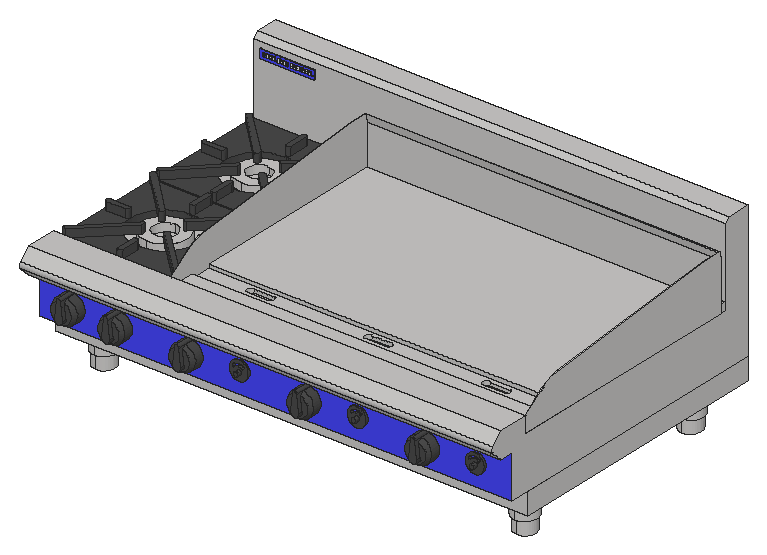
Revit family "QF_MOFFAT_BLUESEAL_CE_G518A-B", category Specialty Equipment, Revit 2012
Parameters
  Width = 1200 mm  # constant formula
  Weight in Pounds = 347  # constant formula
  URL Cutsheet = "www.moffat.com"
  URL = "www.moffat.com"
  Type Mark [instance] = ""
  Status [instance] = ""
  Specification by User [instance] = ""
  Specification by Manufacturer = ""
  Show Logo [instance] = yes
  Serial Number = ""
  Seismic Rating = ""
  SMACNA No = ""
  Revision Code [instance] = ""
  Omniclass Number and Title = ""
  NAFEM Spec ID Number = ""
  Model = "G518A-B"
  Mechanical Remarks [instance] = ""
  Mechanical Connection Type [instance] = ""
  Masterspec = ""
  Manufacturer = "MOFFAT BLUESEAL"
  Item Number [instance] = ""
  Installed By [instance] = ""
  Identify Quantity as Lot [instance] = yes
  Height = 485 mm  # constant formula
  Gas Size = 3/4"
  Gas RI Height [instance] = 0 mm
  Gas KW = 32.2
  Gas Input [instance] = 109946.0 Btu/h
  Gas Connection Height = 0 mm
  Furnished By [instance] = ""
  Foodservice Equipment Identifier [instance] = yes
  Description = "1200MM GAS COOK TOP BENCH MOUNT"
  Depth = 812 mm  # constant formula
  CSI MasterFormat = ""
  CSI Master Format = ""
Reference planes
  plane 1 "BACK": y = 0
  plane 2: z = 0
  plane 3 "LEFT": x = 0
  plane 4 "RIGHT": x = 1200
  plane 5 "FRONT": y = -812
  plane 6 "TOP": z = 370
  plane 7 "Center Y": x = 600
  plane 8 "Center X": y = -406
  plane 9: z = 485
  plane 10: z = 315
Forms (mm)
  Revolve 1, solid, material "QF_Finishes_Stainless Steel"
    sketch origin (65.5, -728, 0) x (0, 1, 0) y (0, 0, 1)
      loop
        line (71.25, 85) -> (71.25, 35) -> (75.5, 35) -> (75.5, 0) -> (103, 0) -> (103, 85) -> (71.25, 85)
      axis (103, 85) -> (103, 0)
    angle from 0 to 360
  Revolve 2, solid, material "QF_Finishes_Stainless Steel"
    sketch origin (65.5, -210, 0) x (0, 1, 0) y (0, 0, 1)
      loop
        line (78.25, 85) -> (78.25, 35) -> (82.5, 35) -> (82.5, 0) -> (110, 0) -> (110, 85) -> (78.25, 85)
      axis (110, 85) -> (110, 0)
    angle from 0 to 360
  Extrusion 3, solid, material "QF_Finishes_Stainless Steel"
    sketch origin (405, 3, -500) x (1, 0, 0) y (0, 1, 0)
      loop
        circle (665, -35) r 13.5
    from 555 to 585
  Revolve 4, solid, material "QF_Finishes_Black"
    sketch origin (89.999, 7, -0.127) x (0, 1, 0) y (0, 0, -1)
      loop
        line (-789, -229.5) -> (-766, -229.5) -> (-766, -202) -> (-756, -202) -> (-756, -197) -> (-800, -197) -> (-800, -223.651) -> (-789, -229.5)
      axis (-800, -197) -> (-756, -197)
    angle from 0 to 360
  Extrusion 5, solid, material "QF_Finishes_Black"
    sketch origin (228.269, 7, 0.031) x (-1, 0, 0) y (0, 0, -1)
      loop
        line (127.85, -186.163) -> (133.27, -229.082)
        arc (133.27, -229.082) -> (138.269, -233.969) -> (143.267, -229.082) r 5
        line (143.267, -229.082) -> (148.756, -184.996)
        arc (148.756, -184.996) -> (137.684, -174.498) -> (127.85, -186.163) r 10.487
    from 759 to 808
  Extrusion 6, solid, material "QF_Finishes_Stainless Steel"
    sketch origin (0, 0, 0) x (0, 1, 0) y (0, 0, 1)
      loop
        line (-784.97, 250) -> (-749, 250) -> (-749, 140) -> (0, 140) -> (0, 485) -> (-57.5, 485) -> (-70, 472.5) -> (-70, 275) -> (-705, 275) -> (-705, 315) -> (-783.97, 315) -> (-808.498, 290.472)
        arc (-808.498, 290.472) -> (-812.007, 282) -> (-808.498, 273.528) r 11.982
        line (-808.498, 273.528) -> (-784.97, 250)
      loop
        line (0, 85) -> (0, 139.206) -> (-699, 139.206) -> (-699, 85) -> (0, 85)
    from 0 to 1200
  Revolve 7, solid, material "QF_Finishes_Black"
    sketch origin (210, 7, 0) x (0, 1, 0) y (0, 0, -1)
      loop
        line (-789, -229.5) -> (-766, -229.5) -> (-766, -202) -> (-756, -202) -> (-756, -197) -> (-800, -197) -> (-800, -223.651) -> (-789, -229.5)
      axis (-800, -197) -> (-756, -197)
    angle from 0 to 360
  Extrusion 8, solid, material "QF_Finishes_Black"
    sketch origin (348.27, 7, 0.158) x (-1, 0, 0) y (0, 0, -1)
      loop
        line (127.85, -186.163) -> (133.27, -229.082)
        arc (133.27, -229.082) -> (138.269, -233.969) -> (143.267, -229.082) r 5
        line (143.267, -229.082) -> (148.756, -184.996)
        arc (148.756, -184.996) -> (137.684, -174.498) -> (127.85, -186.163) r 10.487
    from 759 to 808
  Revolve 9, solid, material "QF_Finishes_Stainless Steel"
    sketch origin (1134.5, -728, 0) x (0, 1, 0) y (0, 0, -1)
      loop
        line (71.25, -85) -> (103, -85) -> (103, 0) -> (75.5, 0) -> (75.5, -35) -> (71.25, -35) -> (71.25, -85)
      axis (103, -85) -> (103, 0)
    angle from 0 to 360
  Revolve 10, solid, material "QF_Finishes_Stainless Steel"
    sketch origin (1134.5, -210, 0) x (0, 1, 0) y (0, 0, -1)
      loop
        line (78.25, -85) -> (110, -85) -> (110, 0) -> (82.5, 0) -> (82.5, -35) -> (78.25, -35) -> (78.25, -85)
      axis (110, -85) -> (110, 0)
    angle from 0 to 360
  Revolve 11, solid, material "QF_Finishes_Black"
    sketch origin (389.999, 7, -0.127) x (0, 1, 0) y (0, 0, -1)
      loop
        line (-789, -229.5) -> (-766, -229.5) -> (-766, -202) -> (-756, -202) -> (-756, -197) -> (-800, -197) -> (-800, -223.651) -> (-789, -229.5)
      axis (-800, -197) -> (-756, -197)
    angle from 0 to 360
  Extrusion 12, solid, material "QF_Finishes_Black"
    sketch origin (528.269, 7, 0.031) x (-1, 0, 0) y (0, 0, -1)
      loop
        line (127.85, -186.163) -> (133.27, -229.082)
        arc (133.27, -229.082) -> (138.269, -233.969) -> (143.267, -229.082) r 5
        line (143.267, -229.082) -> (148.756, -184.996)
        arc (148.756, -184.996) -> (137.684, -174.498) -> (127.85, -186.163) r 10.487
    from 759 to 808
  Revolve 13, solid, material "QF_Finishes_Black"
    sketch origin (689.999, 7, -0.127) x (0, 1, 0) y (0, 0, -1)
      loop
        line (-789, -229.5) -> (-766, -229.5) -> (-766, -202) -> (-756, -202) -> (-756, -197) -> (-800, -197) -> (-800, -223.651) -> (-789, -229.5)
      axis (-800, -197) -> (-756, -197)
    angle from 0 to 360
  Extrusion 14, solid, material "QF_Finishes_Black"
    sketch origin (828.269, 7, 0.031) x (-1, 0, 0) y (0, 0, -1)
      loop
        line (127.85, -186.163) -> (133.27, -229.082)
        arc (133.27, -229.082) -> (138.269, -233.969) -> (143.267, -229.082) r 5
        line (143.267, -229.082) -> (148.756, -184.996)
        arc (148.756, -184.996) -> (137.684, -174.498) -> (127.85, -186.163) r 10.487
    from 759 to 808
  Revolve 15, solid, material "QF_Finishes_Black"
    sketch origin (989.999, 7, -0.127) x (0, 1, 0) y (0, 0, -1)
      loop
        line (-789, -229.5) -> (-766, -229.5) -> (-766, -202) -> (-756, -202) -> (-756, -197) -> (-800, -197) -> (-800, -223.651) -> (-789, -229.5)
      axis (-800, -197) -> (-756, -197)
    angle from 0 to 360
  Extrusion 16, solid, material "QF_Finishes_Black"
    sketch origin (1128.269, 7, 0.031) x (-1, 0, 0) y (0, 0, -1)
      loop
        line (127.85, -186.163) -> (133.27, -229.082)
        arc (133.27, -229.082) -> (138.269, -233.969) -> (143.267, -229.082) r 5
        line (143.267, -229.082) -> (148.756, -184.996)
        arc (148.756, -184.996) -> (137.684, -174.498) -> (127.85, -186.163) r 10.487
    from 759 to 808
  Extrusion 17, solid, material "QF_Finishes_Black"
    sketch origin (0, -749, 266) x (0, 0, -1) y (1, 0, 0)
      loop
        circle (69, 510) r 23.9
      loop
        arc (61.641, 518.419) -> (62.501, 523.219) -> (57.701, 524.079) r 3.448
        arc (57.701, 524.079) -> (51.116, 509.341) -> (58.919, 495.209) r 18.095
        arc (58.919, 495.209) -> (63.641, 496.491) -> (62.326, 501.204) r 3.448
        arc (62.326, 501.204) -> (58.758, 509.683) -> (61.641, 518.419) r 13.109
      loop
        circle (69, 810) r 23.9
      loop
        arc (61.641, 818.419) -> (62.501, 823.219) -> (57.701, 824.079) r 3.448
        arc (57.701, 824.079) -> (51.116, 809.341) -> (58.919, 795.209) r 18.095
        arc (58.919, 795.209) -> (63.641, 796.491) -> (62.326, 801.204) r 3.448
        arc (62.326, 801.204) -> (58.758, 809.683) -> (61.641, 818.419) r 13.109
      loop
        circle (69, 1110) r 23.9
      loop
        arc (61.641, 1118.419) -> (62.501, 1123.219) -> (57.701, 1124.079) r 3.448
        arc (57.701, 1124.079) -> (51.116, 1109.341) -> (58.919, 1095.209) r 18.095
        arc (58.919, 1095.209) -> (63.641, 1096.491) -> (62.326, 1101.204) r 3.448
        arc (62.326, 1101.204) -> (58.758, 1109.683) -> (61.641, 1118.419) r 13.109
    from 0 to 5
  Extrusion 18, solid, material "QF_Finishes_Black"
    sketch origin (0, -754, 266) x (0, 0, -1) y (1, 0, 0)
      loop
        circle (72.5, 510) r 5.75
      loop
        circle (72.5, 810) r 5.75
      loop
        circle (72.5, 1110) r 5.75
    from 0 to 10
Lines and regions (mm)
  Split face 1
    outline origin (0, 0, 485) x (0, -1, 0) y (1, 0, 0)
      loop
        arc (18.185, 32.794) -> (23.185, 24.134) -> (33.185, 24.134) r 10
        line (33.185, 24.134) -> (40.185, 28.176)
        arc (40.185, 28.176) -> (43.845, 31.836) -> (45.185, 36.836) r 10
        line (45.185, 36.836) -> (45.185, 264.794)
        arc (45.185, 264.794) -> (40.185, 273.455) -> (30.185, 273.455) r 10
        line (30.185, 273.455) -> (23.185, 269.413)
        arc (23.185, 269.413) -> (19.525, 265.753) -> (18.185, 260.753) r 10
        line (18.185, 260.753) -> (18.185, 32.794)
  Split face 2
    outline origin (0, 0, 485) x (0, -1, 0) y (1, 0, 0)
      loop
        arc (18.185, 332.794) -> (23.185, 324.134) -> (33.185, 324.134) r 10
        line (33.185, 324.134) -> (40.185, 328.176)
        arc (40.185, 328.176) -> (43.845, 331.836) -> (45.185, 336.836) r 10
        line (45.185, 336.836) -> (45.185, 564.794)
        arc (45.185, 564.794) -> (40.185, 573.455) -> (30.185, 573.455) r 10
        line (30.185, 573.455) -> (23.185, 569.413)
        arc (23.185, 569.413) -> (19.525, 565.753) -> (18.185, 560.753) r 10
        line (18.185, 560.753) -> (18.185, 332.794)
  Split face 3
    outline origin (0, 0, 485) x (0, -1, 0) y (1, 0, 0)
      loop
        arc (45.185, 1164.794) -> (40.185, 1173.455) -> (30.185, 1173.455) r 10
        line (30.185, 1173.455) -> (23.185, 1169.413)
        arc (23.185, 1169.413) -> (19.525, 1165.753) -> (18.185, 1160.753) r 10
        line (18.185, 1160.753) -> (18.185, 932.794)
        arc (18.185, 932.794) -> (23.185, 924.134) -> (33.185, 924.134) r 10
        line (33.185, 924.134) -> (40.185, 928.176)
        arc (40.185, 928.176) -> (43.845, 931.836) -> (45.185, 936.836) r 10
        line (45.185, 936.836) -> (45.185, 1164.794)
  Split face 4
    outline origin (0, 0, 485) x (0, -1, 0) y (1, 0, 0)
      loop
        line (45.185, 636.836) -> (45.185, 864.794)
        arc (45.185, 864.794) -> (40.185, 873.455) -> (30.185, 873.455) r 10
        line (30.185, 873.455) -> (23.185, 869.413)
        arc (23.185, 869.413) -> (19.525, 865.753) -> (18.185, 860.753) r 10
        line (18.185, 860.753) -> (18.185, 632.794)
        arc (18.185, 632.794) -> (23.185, 624.134) -> (33.185, 624.134) r 10
        line (33.185, 624.134) -> (40.185, 628.176)
        arc (40.185, 628.176) -> (43.845, 631.836) -> (45.185, 636.836) r 10
  symbolic lines
    curve 1: line (0, 0, 0) -> (0, -812, 0)
    curve 2: line (1200, 0, 0) -> (0, 0, 0)
    curve 3: line (1200, -812, 0) -> (1200, 0, 0)
    curve 4: line (0, -70, 0) -> (1200, -70, 0)
    curve 5: line (0, -812, 0) -> (1200, -812, 0)
    curve 6: line (1200, -705, 0) -> (0, -705, 0)
    curve 7: line (0, -783.97, 0) -> (1200, -783.97, 0)
    curve 8: line (36.836, -45.185, 0) -> (264.794, -45.185, 0)
    curve 9: arc (264.794, -45.185, 0) -> (273.455, -40.185, 0) -> (273.455, -30.185, 0) r 10
    curve 10: line (273.455, -30.185, 0) -> (269.413, -23.185, 0)
    curve 11: arc (269.413, -23.185, 0) -> (265.753, -19.525, 0) -> (260.753, -18.185, 0) r 10
    curve 12: line (260.753, -18.185, 0) -> (32.794, -18.185, 0)
    curve 13: arc (32.794, -18.185, 0) -> (24.134, -23.185, 0) -> (24.134, -33.185, 0) r 10
    curve 14: line (24.134, -33.185, 0) -> (28.176, -40.185, 0)
    curve 15: arc (28.176, -40.185, 0) -> (31.836, -43.845, 0) -> (36.836, -45.185, 0) r 10
    curve 16: line (336.836, -45.185, 0) -> (564.794, -45.185, 0)
    curve 17: arc (564.794, -45.185, 0) -> (573.455, -40.185, 0) -> (573.455, -30.185, 0) r 10
    curve 18: line (573.455, -30.185, 0) -> (569.413, -23.185, 0)
    curve 19: arc (569.413, -23.185, 0) -> (565.753, -19.525, 0) -> (560.753, -18.185, 0) r 10
    curve 20: line (560.753, -18.185, 0) -> (332.794, -18.185, 0)
    curve 21: arc (332.794, -18.185, 0) -> (324.134, -23.185, 0) -> (324.134, -33.185, 0) r 10
    curve 22: line (324.134, -33.185, 0) -> (328.176, -40.185, 0)
    curve 23: arc (328.176, -40.185, 0) -> (331.836, -43.845, 0) -> (336.836, -45.185, 0) r 10
    curve 24: line (0, -57.5, 0) -> (1200, -57.5, 0)
    curve 25: line (860.753, -18.185, 0) -> (632.794, -18.185, 0)
    curve 26: arc (632.794, -18.185, 0) -> (624.134, -23.185, 0) -> (624.134, -33.185, 0) r 10
    curve 27: line (624.134, -33.185, 0) -> (628.176, -40.185, 0)
    curve 28: arc (628.176, -40.185, 0) -> (631.836, -43.845, 0) -> (636.836, -45.185, 0) r 10
    curve 29: line (636.836, -45.185, 0) -> (864.794, -45.185, 0)
    curve 30: arc (864.794, -45.185, 0) -> (873.455, -40.185, 0) -> (873.455, -30.185, 0) r 10
    curve 31: line (873.455, -30.185, 0) -> (869.413, -23.185, 0)
    curve 32: arc (869.413, -23.185, 0) -> (865.753, -19.525, 0) -> (860.753, -18.185, 0) r 10
    curve 33: line (932.794, -18.185, 0) -> (1160.753, -18.185, 0)
    curve 34: arc (1160.753, -18.185, 0) -> (1165.753, -19.525, 0) -> (1169.413, -23.185, 0) r 10
    curve 35: line (1169.413, -23.185, 0) -> (1173.455, -30.185, 0)
    curve 36: arc (1173.455, -30.185, 0) -> (1173.455, -40.185, 0) -> (1164.794, -45.185, 0) r 10
    curve 37: line (1164.794, -45.185, 0) -> (936.836, -45.185, 0)
    curve 38: arc (936.836, -45.185, 0) -> (931.836, -43.845, 0) -> (928.176, -40.185, 0) r 10
    curve 39: line (928.176, -40.185, 0) -> (924.134, -33.185, 0)
    curve 40: arc (924.134, -33.185, 0) -> (924.134, -23.185, 0) -> (932.794, -18.185, 0) r 10
Dimensions and locks
  equal spacing: plane 3 "LEFT", plane 7 "Center Y", plane 4 "RIGHT"
  "Width": plane 3 "LEFT" to plane 4 "RIGHT"
  equal spacing: plane 5 "FRONT", plane 8 "Center X", plane 1 "BACK"
  "Depth": plane 5 "FRONT" to plane 1 "BACK"
  equal spacing: plane 4 "RIGHT", plane 7 "Center Y", plane 3 "LEFT"
  plane 4 "RIGHT" to plane 3 "LEFT" = 1200 mm
  Extrusion 3 to level = 55 mm
  Extrusion 3 to plane 1 "BACK" = 32 mm
  plane 5 "FRONT" to plane 1 "BACK" = 812 mm
  "Height": plane 9 to level
  plane 10 to level = 315 mm
  Extrusion 3 sketch curve to plane 4 "RIGHT" = 130 mm
  Extrusion 3 sketch curve to plane 1 "BACK" = 32 mm
  aligned and locked: level to plane 2
  aligned and locked: curve 3 to plane 4 "RIGHT"
  aligned and locked: Extrusion 6 to plane 4 "RIGHT"
Automatic sketch dimensions
  plane 1 "BACK" to curve 1 = 0 mm
  curve 1 to plane 3 "LEFT" = 0 mm
  plane 5 "FRONT" to curve 1 = 0 mm
  plane 3 "LEFT" to curve 13 = 24.134 mm
  curve 14 to curve 14 = 4.041 mm
  curve 13 to curve 13 = 8.66 mm
  curve 14 to curve 8 = 8.66 mm
  plane 1 "BACK" to curve 11 = 28.185 mm
  curve 15 to curve 11 = 223.917 mm
  curve 11 to curve 9 = 4.041 mm
  plane 1 "BACK" to curve 10 = 23.185 mm
  curve 11 to curve 10 = 8.66 mm
  plane 1 "BACK" to curve 10 = 30.185 mm
  curve 11 to curve 10 = 4.041 mm
  curve 9 to curve 21 = 50.679 mm
  plane 1 "BACK" to curve 22 = 40.185 mm
  curve 22 to curve 22 = 4.041 mm
  curve 21 to curve 21 = 8.66 mm
  curve 23 to curve 23 = 8.66 mm
  plane 1 "BACK" to curve 20 = 18.185 mm
  curve 20 to plane 7 "Center Y" = 39.247 mm
  curve 19 to curve 17 = 4.041 mm
  plane 1 "BACK" to curve 18 = 23.185 mm
  curve 19 to curve 18 = 8.66 mm
  curve 18 to curve 18 = 4.041 mm
  curve 7 to plane 5 "FRONT" = 28.03 mm
  curve 7 to curve 6 = 78.97 mm
  curve 4 to curve 13 = 51.815 mm
  curve 4 to curve 24 = 12.5 mm
  curve 15 to curve 12 = 27 mm
  curve 23 to curve 23 = 5 mm
  curve 8 to curve 15 = 5 mm
  curve 17 to curve 19 = 7 mm
  curve 14 to curve 14 = 7 mm
  curve 22 to curve 22 = 7 mm
  Revolve 1 sketch curve to level = 0 mm
  level to Revolve 1 sketch curve = 35 mm
  Revolve 1 sketch curve to plane 5 "FRONT" = 155.25 mm
  Revolve 1 sketch curve to Revolve 1 sketch curve = 4.25 mm
  Revolve 1 sketch curve to Revolve 1 sketch curve = 27.5 mm  (x2)
  Revolve 1 sketch curve to Revolve 1 sketch curve = 55 mm
  Revolve 1 sketch curve to Revolve 1 sketch curve = 15 mm
  Revolve 1 sketch curve to Revolve 1 sketch curve = 35 mm
  Revolve 2 sketch curve to level = 0 mm
  level to Revolve 2 sketch curve = 35 mm
  plane 1 "BACK" to Revolve 2 sketch curve = 131.75 mm
  Revolve 2 sketch curve to Revolve 2 sketch curve = 4.25 mm
  Revolve 2 sketch curve to Revolve 2 sketch curve = 27.5 mm  (x2)
  Revolve 2 sketch curve to Revolve 2 sketch curve = 55 mm
  Revolve 2 sketch curve to Revolve 2 sketch curve = 15 mm
  Revolve 2 sketch curve to Revolve 2 sketch curve = 35 mm
  Revolve 4 sketch curve to plane 5 "FRONT" = 19 mm
  Revolve 4 sketch curve to Revolve 4 sketch curve = 0 mm  (x2)
  Revolve 4 sketch curve to Revolve 4 sketch curve = 11 mm
  Revolve 4 sketch curve to Revolve 4 sketch curve = 12.7 mm
  Revolve 4 sketch curve to Revolve 4 sketch curve = 23 mm
  Revolve 4 sketch curve to Revolve 4 sketch curve = 10 mm
  Revolve 4 sketch curve to plane 10 = 85.627 mm
  Revolve 4 sketch curve to Revolve 4 sketch curve = 5.849 mm
  Revolve 4 sketch curve to Revolve 4 sketch curve = 27.5 mm
  Revolve 4 sketch curve to Revolve 4 sketch curve = 5 mm
  plane 3 "LEFT" to Extrusion 5 sketch curve = 100.419 mm
  Extrusion 5 sketch curve to Extrusion 5 sketch curve = 5.421 mm
  Extrusion 5 sketch curve to Extrusion 5 sketch curve = 10.419 mm
  Extrusion 5 sketch curve to Extrusion 5 sketch curve = 4.999 mm  (x2)
  Extrusion 5 sketch curve to Extrusion 5 sketch curve = 10.487 mm
  Extrusion 5 sketch curve to plane 10 = 85.887 mm
  Extrusion 5 sketch curve to Extrusion 5 sketch curve = 0.113 mm
  Extrusion 5 sketch curve to Extrusion 5 sketch curve = 42.919 mm
  Extrusion 5 sketch curve to Extrusion 5 sketch curve = 1.167 mm
  Extrusion 6 sketch curve to plane 10 = 0 mm
  plane 9 to Extrusion 6 sketch curve = 0 mm
  Extrusion 6 sketch curve to plane 1 "BACK" = 0 mm  (x2)
  plane 1 "BACK" to Extrusion 6 sketch curve = 57.5 mm
  plane 9 to Extrusion 6 sketch curve = 12.5 mm
  Extrusion 6 sketch curve to Extrusion 6 sketch curve = 12.5 mm
  Extrusion 6 sketch curve to plane 5 "FRONT" = 113 mm
  Extrusion 6 sketch curve to plane 5 "FRONT" = 107 mm
  Extrusion 6 sketch curve to Extrusion 6 sketch curve = 50 mm
  Extrusion 6 sketch curve to plane 5 "FRONT" = 28.03 mm
  Extrusion 6 sketch curve to plane 5 "FRONT" = 27.03 mm
  Extrusion 6 sketch curve to plane 5 "FRONT" = 11.975 mm
  Extrusion 6 sketch curve to plane 5 "FRONT" = 3.502 mm  (x2)
  Extrusion 6 sketch curve to plane 10 = 24.528 mm
  Extrusion 6 sketch curve to Extrusion 6 sketch curve = 8.472 mm
  Extrusion 6 sketch curve to Extrusion 6 sketch curve = 40 mm
  Extrusion 6 sketch curve to Extrusion 6 sketch curve = 23.528 mm
  Extrusion 6 sketch curve to Extrusion 6 sketch curve = 110 mm
  Extrusion 6 sketch curve to Extrusion 6 sketch curve = 0.794 mm
  Extrusion 6 sketch curve to Extrusion 6 sketch curve = 54.206 mm
  Split face 1 sketch curve to Extrusion 6 = 18.185 mm
  Split face 1 sketch curve to Split face 1 sketch curve = 5 mm  (x3)
  Split face 1 sketch curve to Split face 1 sketch curve = 10 mm  (x2)
  Split face 1 sketch curve to Split face 1 sketch curve = 7 mm  (x4)
  Split face 1 sketch curve to Extrusion 6 = 24.134 mm
  Split face 1 sketch curve to Split face 1 sketch curve = 4.041 mm  (x2)
  Split face 1 sketch curve to Split face 1 sketch curve = 223.917 mm
  Split face 2 sketch curve to Extrusion 6 = 18.185 mm
  Split face 2 sketch curve to Split face 2 sketch curve = 5 mm  (x4)
  Split face 2 sketch curve to Split face 2 sketch curve = 10 mm
  Split face 2 sketch curve to Split face 2 sketch curve = 7 mm  (x4)
  Split face 2 sketch curve to Extrusion 6 = 324.134 mm
  Split face 2 sketch curve to Split face 2 sketch curve = 4.041 mm  (x2)
  Split face 2 sketch curve to Split face 2 sketch curve = 223.917 mm
  Split face 3 sketch curve to Extrusion 6 = 18.185 mm
  Split face 3 sketch curve to Split face 3 sketch curve = 5 mm  (x3)
  Split face 3 sketch curve to Split face 3 sketch curve = 10 mm  (x2)
  Split face 3 sketch curve to Split face 3 sketch curve = 7 mm  (x4)
  Split face 3 sketch curve to Extrusion 6 = 275.866 mm
  Split face 3 sketch curve to Split face 3 sketch curve = 4.041 mm  (x2)
  Split face 3 sketch curve to Extrusion 6 = 39.247 mm
  Revolve 7 sketch curve to plane 5 "FRONT" = 19 mm
  Revolve 7 sketch curve to Revolve 7 sketch curve = 0 mm  (x2)
  Revolve 7 sketch curve to Revolve 7 sketch curve = 11 mm
  Revolve 7 sketch curve to Revolve 7 sketch curve = 12.7 mm
  Revolve 7 sketch curve to Revolve 7 sketch curve = 23 mm
  Revolve 7 sketch curve to Revolve 7 sketch curve = 10 mm
  Revolve 7 sketch curve to plane 10 = 85.5 mm
  Revolve 7 sketch curve to Revolve 7 sketch curve = 5.849 mm
  Revolve 7 sketch curve to Revolve 7 sketch curve = 27.5 mm
  Revolve 7 sketch curve to Revolve 7 sketch curve = 5 mm
  plane 3 "LEFT" to Extrusion 8 sketch curve = 220.42 mm
  Extrusion 8 sketch curve to Extrusion 8 sketch curve = 5.421 mm
  Extrusion 8 sketch curve to Extrusion 8 sketch curve = 10.419 mm
  Extrusion 8 sketch curve to Extrusion 8 sketch curve = 4.999 mm  (x2)
  Extrusion 8 sketch curve to plane 10 = 85.76 mm
  Extrusion 8 sketch curve to Extrusion 8 sketch curve = 10.487 mm
  Extrusion 8 sketch curve to Extrusion 8 sketch curve = 0.113 mm
  Extrusion 8 sketch curve to Extrusion 8 sketch curve = 42.919 mm
  Extrusion 8 sketch curve to Extrusion 8 sketch curve = 1.167 mm
  Revolve 9 sketch curve to level = 0 mm
  level to Revolve 9 sketch curve = 35 mm
  Revolve 9 sketch curve to plane 5 "FRONT" = 155.25 mm
  Revolve 9 sketch curve to Revolve 9 sketch curve = 4.25 mm
  Revolve 9 sketch curve to Revolve 9 sketch curve = 27.5 mm  (x2)
  Revolve 9 sketch curve to Revolve 9 sketch curve = 15 mm
  Revolve 9 sketch curve to Revolve 9 sketch curve = 35 mm
  Revolve 9 sketch curve to level = 55 mm
  Revolve 10 sketch curve to level = 0 mm
  level to Revolve 10 sketch curve = 35 mm
  plane 1 "BACK" to Revolve 10 sketch curve = 131.75 mm
  Revolve 10 sketch curve to Revolve 10 sketch curve = 4.25 mm
  Revolve 10 sketch curve to Revolve 10 sketch curve = 27.5 mm  (x2)
  Revolve 10 sketch curve to Revolve 10 sketch curve = 15 mm
  Revolve 10 sketch curve to Revolve 10 sketch curve = 35 mm
  Revolve 10 sketch curve to level = 55 mm
  Revolve 11 sketch curve to plane 5 "FRONT" = 19 mm
  Revolve 11 sketch curve to Revolve 11 sketch curve = 0 mm  (x2)
  Revolve 11 sketch curve to Revolve 11 sketch curve = 11 mm
  Revolve 11 sketch curve to Revolve 11 sketch curve = 12.7 mm
  Revolve 11 sketch curve to Revolve 11 sketch curve = 23 mm
  Revolve 11 sketch curve to Revolve 11 sketch curve = 10 mm
  Revolve 11 sketch curve to plane 10 = 85.627 mm
  Revolve 11 sketch curve to Revolve 11 sketch curve = 5.849 mm
  Revolve 11 sketch curve to Revolve 11 sketch curve = 27.5 mm
  Revolve 11 sketch curve to Revolve 11 sketch curve = 5 mm
  Extrusion 12 sketch curve to plane 7 "Center Y" = 199.581 mm
  Extrusion 12 sketch curve to Extrusion 12 sketch curve = 5.421 mm
  Extrusion 12 sketch curve to Extrusion 12 sketch curve = 10.419 mm
  Extrusion 12 sketch curve to Extrusion 12 sketch curve = 4.999 mm  (x2)
  Extrusion 12 sketch curve to plane 10 = 85.887 mm
  Extrusion 12 sketch curve to Extrusion 12 sketch curve = 10.487 mm
  Extrusion 12 sketch curve to Extrusion 12 sketch curve = 0.113 mm
  Extrusion 12 sketch curve to Extrusion 12 sketch curve = 42.919 mm
  Extrusion 12 sketch curve to Extrusion 12 sketch curve = 1.167 mm
  Revolve 13 sketch curve to plane 5 "FRONT" = 19 mm
  Revolve 13 sketch curve to Revolve 13 sketch curve = 0 mm  (x2)
  Revolve 13 sketch curve to Revolve 13 sketch curve = 11 mm
  Revolve 13 sketch curve to Revolve 13 sketch curve = 12.7 mm
  Revolve 13 sketch curve to Revolve 13 sketch curve = 23 mm
  Revolve 13 sketch curve to Revolve 13 sketch curve = 10 mm
  Revolve 13 sketch curve to plane 10 = 85.627 mm
  Revolve 13 sketch curve to Revolve 13 sketch curve = 5.849 mm
  Revolve 13 sketch curve to Revolve 13 sketch curve = 27.5 mm
  Revolve 13 sketch curve to Revolve 13 sketch curve = 5 mm
  plane 7 "Center Y" to Extrusion 14 sketch curve = 100.419 mm
  Extrusion 14 sketch curve to Extrusion 14 sketch curve = 5.421 mm
  Extrusion 14 sketch curve to Extrusion 14 sketch curve = 10.419 mm
  Extrusion 14 sketch curve to Extrusion 14 sketch curve = 4.999 mm  (x2)
  Extrusion 14 sketch curve to Extrusion 14 sketch curve = 10.487 mm
  Extrusion 14 sketch curve to plane 10 = 85.887 mm
  Extrusion 14 sketch curve to Extrusion 14 sketch curve = 0.113 mm
  Extrusion 14 sketch curve to Extrusion 14 sketch curve = 42.919 mm
  Extrusion 14 sketch curve to Extrusion 14 sketch curve = 1.167 mm
  Revolve 15 sketch curve to plane 5 "FRONT" = 19 mm
  Revolve 15 sketch curve to Revolve 15 sketch curve = 0 mm  (x2)
  Revolve 15 sketch curve to Revolve 15 sketch curve = 11 mm
  Revolve 15 sketch curve to Revolve 15 sketch curve = 12.7 mm
  Revolve 15 sketch curve to Revolve 15 sketch curve = 23 mm
  Revolve 15 sketch curve to Revolve 15 sketch curve = 10 mm
  Revolve 15 sketch curve to plane 10 = 85.627 mm
  Revolve 15 sketch curve to Revolve 15 sketch curve = 5.849 mm
  Revolve 15 sketch curve to Revolve 15 sketch curve = 27.5 mm
  Revolve 15 sketch curve to Revolve 15 sketch curve = 5 mm
  plane 4 "RIGHT" to Extrusion 16 sketch curve = 199.581 mm
  Extrusion 16 sketch curve to Extrusion 16 sketch curve = 5.421 mm
  Extrusion 16 sketch curve to Extrusion 16 sketch curve = 10.419 mm
  Extrusion 16 sketch curve to Extrusion 16 sketch curve = 4.999 mm  (x2)
  Extrusion 16 sketch curve to plane 10 = 85.887 mm
  Extrusion 16 sketch curve to Extrusion 16 sketch curve = 10.487 mm
  Extrusion 16 sketch curve to Extrusion 16 sketch curve = 0.113 mm
  Extrusion 16 sketch curve to Extrusion 16 sketch curve = 42.919 mm
  Extrusion 16 sketch curve to Extrusion 16 sketch curve = 1.167 mm
  Split face 4 sketch curve to Extrusion 6 = 18.185 mm
  Split face 4 sketch curve to Split face 4 sketch curve = 5 mm  (x2)
  Split face 4 sketch curve to Split face 4 sketch curve = 10 mm  (x3)
  Split face 4 sketch curve to Split face 4 sketch curve = 7 mm  (x4)
  Split face 4 sketch curve to Extrusion 6 = 624.134 mm
  Split face 4 sketch curve to Split face 4 sketch curve = 4.041 mm  (x2)
  Split face 4 sketch curve to Split face 4 sketch curve = 223.917 mm
  plane 7 "Center Y" to curve 27 = 24.134 mm
  curve 26 to curve 27 = 4.041 mm
  curve 26 to curve 26 = 8.66 mm
  curve 27 to curve 29 = 8.66 mm
  plane 1 "BACK" to curve 25 = 18.185 mm
  curve 28 to curve 25 = 223.917 mm
  curve 32 to curve 29 = 4.041 mm
  curve 32 to curve 32 = 8.66 mm
  plane 1 "BACK" to curve 31 = 30.185 mm
  curve 31 to curve 31 = 4.041 mm
  curve 30 to curve 30 = 15 mm
  curve 29 to curve 27 = 5 mm
  curve 28 to curve 27 = 7 mm
  curve 30 to curve 32 = 7 mm
  plane 1 "BACK" to curve 39 = 33.185 mm
  curve 31 to curve 39 = 50.679 mm
  curve 39 to curve 38 = 4.041 mm
  curve 39 to curve 33 = 8.66 mm
  curve 40 to curve 38 = 4.041 mm
  plane 1 "BACK" to curve 34 = 18.185 mm
  plane 4 "RIGHT" to curve 34 = 39.247 mm
  curve 34 to curve 37 = 4.041 mm
  plane 1 "BACK" to curve 35 = 23.185 mm
  curve 34 to curve 35 = 8.66 mm
  curve 34 to curve 35 = 4.041 mm
  curve 38 to curve 39 = 12 mm
  curve 38 to curve 39 = 7 mm
  curve 36 to curve 34 = 7 mm
  Extrusion 6 to Extrusion 17 sketch curve = 41.701 mm  (x3)
  Extrusion 17 sketch curve to Extrusion 17 sketch curve = 1.218 mm  (x3)
  Extrusion 17 sketch curve to Extrusion 17 sketch curve = 1.97 mm  (x6)
  Extrusion 17 sketch curve to Extrusion 17 sketch curve = 1.724 mm  (x3)
  Extrusion 17 sketch curve to Extrusion 17 sketch curve = 1.683 mm  (x3)
  Extrusion 17 sketch curve to Extrusion 17 sketch curve = 6.674 mm  (x3)
  Extrusion 17 sketch curve to Extrusion 17 sketch curve = 0.195 mm  (x3)
  Extrusion 17 sketch curve to Extrusion 17 sketch curve = 2.662 mm  (x3)
  Extrusion 6 to Extrusion 17 sketch curve = 495.209 mm
  Extrusion 17 sketch curve to Extrusion 17 sketch curve = 2.986 mm  (x3)
  Extrusion 17 sketch curve to Extrusion 17 sketch curve = 8.796 mm  (x3)
  Extrusion 17 sketch curve to Extrusion 17 sketch curve = 0.103 mm  (x3)
  Extrusion 17 sketch curve to Extrusion 17 sketch curve = 0.102 mm  (x3)
  Extrusion 17 sketch curve to Extrusion 17 sketch curve = 271.13 mm
  Extrusion 6 to Extrusion 17 sketch curve = 104.791 mm
  Extrusion 18 sketch curve to Extrusion 18 sketch curve = 0 mm  (x2)
  Extrusion 18 sketch curve to Extrusion 18 sketch curve = 300 mm  (x2)
  radius of Extrusion 3 sketch curve = 13.5 mm
  radius of Extrusion 17 sketch curve = 23.9 mm  (x3)
  radius of Extrusion 18 sketch curve = 5.75 mm  (x3)
Nested families
  nested 1: "WALDORF LOGO_FACE BASE" at (18.6, -70, 458.604) x (1, 0, 0) z (0, -1, 0), visible <- "Show Logo", type "WALDORF LOGO_FACE BASE", detail levels medium+fine
    with Show Logo yes
  nested 2: "GAS BURNER 300 & GRIDDLE 900" at (0, -70, 275), type "GAS BURNER 300 & GRIDDLE 900"
    with Width 1200 mm, Type Mark "", Status "", Specification by User "", Revision Code "", Item Number "", Installed By "", Identify Quantity as Lot yes, Furnished By "", Foodservice Equipment Identifier yes, Depth 635 mm
Connectors
  piping at (1070, -32, 55)
    settings: on Extrusion 3, index 1, connector radius 0.37402", flow factor 0, pipe flow 0 GPM, pressure drop 0.00 psi, fitting loss kfactor 0, connector angle 0.00°, fixture units 0, engagement length 0 mm, flow configuration 1, flow direction 1, fitting loss method 0, system type 7, joint type 0, gender type 0, connector reference index -1, connector utility 0, adjustable connector no, is connector primary yes, fitting loss table "", connector description "GAS CONNECTION"
Definition of nested family "WALDORF LOGO_FACE BASE"
  Parameters (values of type "WALDORF LOGO_FACE BASE")
    Show Logo [instance] = yes
    Default Elevation = 1219.2 mm
  Reference planes
    plane 1 "Center (Front/Back)": y = 0
    plane 2: z = 0
    plane 3 "Center (Left/Right)": x = 0
  Forms (mm)
    Extrusion 1, solid
      sketch origin (0, 0, 0) x (1, 0, 0) y (0, 1, 0)
        loop
          line (-1219.2, 1219.2) -> (-1219.2, -1219.2) -> (1219.2, -1219.2) -> (1219.2, 1219.2) -> (-1219.2, 1219.2)
      from 0 to -304.8
    Extrusion 2, solid, material "QF_Finishes_Blue", visible <- "Show Logo"
      sketch origin (0, -33.217, 0) x (1, 0, 0) y (0, 1, 0)
        loop
          arc (138, 31.942) -> (137.626, 32.844) -> (136.724, 33.217) r 1.276
          line (136.724, 33.217) -> (1.29, 33.217)
          arc (1.29, 33.217) -> (0.378, 32.839) -> (0, 31.927) r 1.29
          line (0, 31.927) -> (0, 11.507)
          arc (0, 11.507) -> (0.378, 10.595) -> (1.29, 10.217) r 1.29
          line (1.29, 10.217) -> (136.71, 10.217)
          arc (136.71, 10.217) -> (137.622, 10.595) -> (138, 11.507) r 1.29
          line (138, 11.507) -> (138, 31.942)
      from 0 to 1.588
    Extrusion 3, solid, material "QF_Finishes_White", visible <- "Show Logo"
      sketch origin (0, -33.217, 1.588) x (1, 0, 0) y (0, 1, 0)
        loop
          arc (108.946, 25.919) -> (107.613, 25.367) -> (107.061, 24.034) r 1.885
          line (107.061, 24.034) -> (107.061, 17.211) -> (112.704, 17.211) -> (112.704, 19.129) -> (115.546, 19.129) -> (115.546, 17.211) -> (121.584, 17.211) -> (121.584, 24.075)
          arc (121.584, 24.075) -> (121.043, 25.379) -> (119.739, 25.919) r 1.845
          line (119.739, 25.919) -> (108.946, 25.919)
        loop
          line (123.478, 25.919) -> (123.478, 17.163) -> (134.904, 17.163) -> (134.904, 19.129) -> (129.246, 19.129) -> (129.246, 25.919) -> (123.478, 25.919)
        loop
          line (112.704, 21.258) -> (115.546, 21.258) -> (115.546, 22.702)
          arc (115.546, 22.702) -> (115.344, 23.188) -> (114.858, 23.389) r 0.687
          line (114.858, 23.389) -> (113.363, 23.389)
          arc (113.363, 23.389) -> (112.897, 23.196) -> (112.704, 22.73) r 0.658
          line (112.704, 22.73) -> (112.704, 21.258)
        loop
          line (105.071, 25.919) -> (93.771, 25.919) -> (93.771, 17.163) -> (105.071, 17.163) -> (105.071, 19.063) -> (99.535, 19.063) -> (99.535, 20.437) -> (105.071, 20.437) -> (105.071, 22.278) -> (99.535, 22.278) -> (99.535, 23.587) -> (105.071, 23.587) -> (105.071, 25.919)
        loop
          line (91.104, 25.919) -> (79.541, 25.919)
          arc (79.541, 25.919) -> (78.558, 25.513) -> (78.152, 24.53) r 1.389
          line (78.152, 24.53) -> (78.152, 22.08)
          arc (78.152, 22.08) -> (78.558, 21.098) -> (79.541, 20.691) r 1.389
          line (79.541, 20.691) -> (86.346, 20.691) -> (86.346, 18.864) -> (83.266, 18.864) -> (83.266, 19.664) -> (78.152, 19.664) -> (78.152, 18.553)
          arc (78.152, 18.553) -> (78.558, 17.57) -> (79.541, 17.163) r 1.389
          line (79.541, 17.163) -> (91.063, 17.163)
          arc (91.063, 17.163) -> (92.045, 17.57) -> (92.452, 18.553) r 1.389
          line (92.452, 18.553) -> (92.452, 20.691)
          arc (92.452, 20.691) -> (92.045, 21.673) -> (91.063, 22.08) r 1.389
          line (91.063, 22.08) -> (83.266, 22.08) -> (83.266, 23.984) -> (86.346, 23.984) -> (86.346, 22.743) -> (92.452, 22.743) -> (92.452, 24.571)
          arc (92.452, 24.571) -> (92.057, 25.524) -> (91.104, 25.919) r 1.348
        loop
          line (70.705, 25.919) -> (59.405, 25.919) -> (59.405, 17.163) -> (70.705, 17.163) -> (70.705, 19.063) -> (65.169, 19.063) -> (65.169, 20.437) -> (70.705, 20.437) -> (70.705, 22.278) -> (65.169, 22.278) -> (65.169, 23.587) -> (70.705, 23.587) -> (70.705, 25.919)
        loop
          line (57.598, 25.919) -> (51.7, 25.919) -> (51.7, 20.18)
          arc (51.7, 20.18) -> (50.63, 19.11) -> (49.56, 20.18) r 1.07
          line (49.56, 20.18) -> (49.56, 25.919) -> (43.663, 25.919) -> (43.663, 19.049)
          arc (43.663, 19.049) -> (44.215, 17.716) -> (45.548, 17.163) r 1.885
          line (45.548, 17.163) -> (55.71, 17.163)
          arc (55.71, 17.163) -> (57.045, 17.716) -> (57.598, 19.051) r 1.887
          line (57.598, 19.051) -> (57.598, 25.919)
        loop
          line (31.62, 25.919) -> (31.62, 17.163) -> (43.046, 17.163) -> (43.046, 19.129) -> (37.388, 19.129) -> (37.388, 25.919) -> (31.62, 25.919)
        loop
          line (15.969, 25.919) -> (15.969, 17.163) -> (28.693, 17.163)
          arc (28.693, 17.163) -> (29.812, 17.627) -> (30.276, 18.746) r 1.582
          line (30.276, 18.746) -> (30.276, 20.447) -> (29.48, 21.243) -> (30.276, 22.039) -> (30.276, 24.332)
          arc (30.276, 24.332) -> (29.811, 25.454) -> (28.688, 25.919) r 1.587
          line (28.688, 25.919) -> (15.969, 25.919)
        loop
          line (21.449, 24.159) -> (21.449, 22.436) -> (23.862, 22.436)
          arc (23.862, 22.436) -> (24.723, 23.298) -> (23.862, 24.159) r 0.861
          line (23.862, 24.159) -> (21.449, 24.159)
        loop
          line (21.449, 20.244) -> (21.449, 18.522) -> (23.862, 18.522)
          arc (23.862, 18.522) -> (24.723, 19.383) -> (23.862, 20.244) r 0.861
          line (23.862, 20.244) -> (21.449, 20.244)
      from 0 to 0.2
    Extrusion 4, solid, material "QF_Finishes_Blue", visible <- "Show Logo"
      sketch origin (-126.498, -31.09, 1.588) x (1, 0, 0) y (0, 1, 0)
        loop
          line (136.738, 23.522) -> (136.738, 15.1)
          arc (136.738, 15.1) -> (140.756, 19.311) -> (136.738, 23.522) r 4.216
      from 0 to 0.2
    Extrusion 5, solid, material "QF_Finishes_Red", visible <- "Show Logo"
      sketch origin (146.849, -31.09, 1.588) x (-1, 0, 0) y (0, -1, 0)
        loop
          arc (136.738, -23.522) -> (140.756, -19.311) -> (136.738, -15.1) r 4.216
          line (136.738, -15.1) -> (136.738, -23.522)
      from 0 to 0.2
  Lines and regions (mm)
    Split face 1
      outline origin (-90.35, -30.793, 1.588) x (1, 0, 0) y (0, 1, 0)
        loop
          circle (100.54, 19.013) r 4.536
  Dimensions and locks
    aligned and locked: plane 2 to Extrusion 1
    aligned and locked: level to Extrusion 1
Definition of nested family "GAS BURNER 300 & GRIDDLE 900"
  Parameters (values of type "GAS BURNER 300 & GRIDDLE 900")
    Width [instance] = 1200 mm
    Weight in Pounds = 0
    URL Cutsheet = ""
    Type Mark [instance] = ""
    Status [instance] = ""
    Specification by User [instance] = ""
    Specification by Manufacturer = ""
    Serial Number = ""
    Seismic Rating = ""
    SMACNA No = ""
    Revision Code [instance] = ""
    Omniclass Number and Title = ""
    NAFEM Spec ID Number = ""
    Masterspec = ""
    Item Number [instance] = ""
    Installed By [instance] = ""
    Identify Quantity as Lot [instance] = yes
    Furnished By [instance] = ""
    Foodservice Equipment Identifier [instance] = yes
    Depth [instance] = 635 mm
    CSI MasterFormat = ""
    CSI Master Format = ""
  Reference planes
    plane 1 "BACK": y = 0
    plane 2: z = 0
    plane 3 "LEFT": x = 0
    plane 4 "RIGHT": x = 1200
    plane 5 "FRONT": y = -635
    plane 6 "TOP": z = 142.5
    plane 7 "Center Y": x = 600
    plane 8 "Center X": y = -317.5
  Dimensions and locks
    equal spacing: plane 3 "LEFT", plane 7 "Center Y", plane 4 "RIGHT"
    "Width": plane 3 "LEFT" to plane 4 "RIGHT"
    equal spacing: plane 5 "FRONT", plane 8 "Center X", plane 1 "BACK"
    "Depth": plane 5 "FRONT" to plane 1 "BACK"
    aligned and locked: level to plane 2
  Nested families
    nested 1: "GAS BURNER 300 & GRIDDLE 600" at (-1, 0, 0), type "GAS BURNER 300 & GRIDDLE 600"
      with Width 300 mm, Type Mark "", Status "", Specification by User "", Revision Code "", Item Number "", Installed By "", Identify Quantity as Lot yes, Furnished By "", Foodservice Equipment Identifier yes, Depth 635 mm
    nested 2: "GAS GRIDDLE PLATE 900" at (300, -15, 0), type "GAS GRIDDLE PLATE 900"
      with Width 900 mm, Type Mark "", Status "", Specification by User "", Revision Code "", Item Number "", Installed By "", Identify Quantity as Lot yes, Furnished By "", Foodservice Equipment Identifier yes, Depth 620 mm
  Definition of nested family "GAS BURNER 300 & GRIDDLE 600"
    Parameters (values of type "GAS BURNER 300 & GRIDDLE 600")
      Width [instance] = 300 mm
      Weight in Pounds = 0
      URL Cutsheet = ""
      Type Mark [instance] = ""
      Status [instance] = ""
      Specification by User [instance] = ""
      Specification by Manufacturer = ""
      Serial Number = ""
      Seismic Rating = ""
      SMACNA No = ""
      Revision Code [instance] = ""
      Omniclass Number and Title = ""
      NAFEM Spec ID Number = ""
      Masterspec = ""
      Item Number [instance] = ""
      Installed By [instance] = ""
      Identify Quantity as Lot [instance] = yes
      Furnished By [instance] = ""
      Foodservice Equipment Identifier [instance] = yes
      Depth [instance] = 635 mm
      CSI MasterFormat = ""
      CSI Master Format = ""
    Reference planes
      plane 1 "BACK": y = 0
      plane 2: z = 0
      plane 3 "LEFT": x = 0
      plane 4 "RIGHT": x = 300
      plane 5 "FRONT": y = -635
      plane 6 "TOP": z = 142.5
      plane 7 "Center Y": x = 150
      plane 8 "Center X": y = -317.5
    Forms (mm)
      Extrusion 1, solid, material "QF_Finishes_Black"
        sketch origin (0, 0, 0) x (0, -1, 0) y (1, 0, 0)
          loop
            line (318.5, 4) -> (318.5, 296)
            arc (318.5, 296) -> (317.621, 298.121) -> (315.5, 299) r 3
            line (315.5, 299) -> (3, 299)
            arc (3, 299) -> (0.879, 298.121) -> (0, 296) r 3
            line (0, 296) -> (0, 4)
            arc (0, 4) -> (0.879, 1.879) -> (3, 1) r 3
            line (3, 1) -> (315.5, 1)
            arc (315.5, 1) -> (317.621, 1.879) -> (318.5, 4) r 3
          loop
            line (324.5, 1) -> (632, 1)
            arc (632, 1) -> (634.121, 1.879) -> (635, 4) r 3
            line (635, 4) -> (635, 296)
            arc (635, 296) -> (634.121, 298.121) -> (632, 299) r 3
            line (632, 299) -> (324.5, 299)
            arc (324.5, 299) -> (322.379, 298.121) -> (321.5, 296) r 3
            line (321.5, 296) -> (321.5, 4)
            arc (321.5, 4) -> (322.379, 1.879) -> (324.5, 1) r 3
          loop
            circle (168.5, 149.991) r 84.082
          loop
            circle (468.5, 149.991) r 84.082
        from 0 to 19.5
      Extrusion 2, solid, material "QF_Finishes_Black"
        sketch origin (0, 0, 19.5) x (0, -1, 0) y (1, 0, 0)
          loop
            spline (326.102, 15.153) -> (325.181, 13.924) -> (324.631, 12.47) -> (324.49, 10.89) -> (324.767, 9.292) -> (325.443, 7.786) -> (326.473, 6.473) -> (327.786, 5.443) -> (329.292, 4.767) -> (330.89, 4.49) -> (332.47, 4.631) -> (333.924, 5.181) -> (335.153, 6.102)
            line (335.153, 6.102) -> (443.076, 114.025)
            spline (443.076, 114.025) -> (443.837, 115.095) -> (444.238, 116.399) -> (444.251, 117.851) -> (443.875, 119.35) -> (443.137, 120.795) -> (442.086, 122.086) -> (440.795, 123.137) -> (439.35, 123.875) -> (437.851, 124.251) -> (436.399, 124.238) -> (435.095, 123.837) -> (434.025, 123.076)
            line (434.025, 123.076) -> (326.102, 15.153)
          loop
            spline (328.898, 156.4) -> (327.604, 156.182) -> (326.398, 155.543) -> (325.362, 154.525) -> (324.568, 153.2) -> (324.068, 151.656) -> (323.898, 150) -> (324.068, 148.344) -> (324.568, 146.8) -> (325.362, 145.475) -> (326.398, 144.457) -> (327.604, 143.818) -> (328.898, 143.6)
            line (328.898, 143.6) -> (378.102, 143.6)
            spline (378.102, 143.6) -> (379.396, 143.818) -> (380.602, 144.457) -> (381.638, 145.475) -> (382.432, 146.8) -> (382.932, 148.344) -> (383.102, 150) -> (382.932, 151.656) -> (382.432, 153.2) -> (381.638, 154.525) -> (380.602, 155.543) -> (379.396, 156.182) -> (378.102, 156.4)
            line (378.102, 156.4) -> (328.898, 156.4)
          loop
            spline (335.153, 293.898) -> (334.084, 294.659) -> (332.779, 295.059) -> (331.328, 295.072) -> (329.829, 294.697) -> (328.384, 293.959) -> (327.092, 292.908) -> (326.041, 291.616) -> (325.303, 290.171) -> (324.928, 288.672) -> (324.941, 287.221) -> (325.341, 285.916) -> (326.102, 284.847)
            line (326.102, 284.847) -> (434.025, 176.924)
            spline (434.025, 176.924) -> (435.095, 176.163) -> (436.399, 175.762) -> (437.851, 175.749) -> (439.35, 176.125) -> (440.795, 176.863) -> (442.086, 177.914) -> (443.137, 179.205) -> (443.875, 180.65) -> (444.251, 182.149) -> (444.238, 183.601) -> (443.837, 184.905) -> (443.076, 185.975)
            line (443.076, 185.975) -> (335.153, 293.898)
          loop
            line (463.6, 291.102) -> (463.6, 241.898)
            spline (463.6, 241.898) -> (463.818, 240.604) -> (464.457, 239.398) -> (465.475, 238.362) -> (466.8, 237.568) -> (468.344, 237.068) -> (470, 236.898) -> (471.656, 237.068) -> (473.2, 237.568) -> (474.525, 238.362) -> (475.543, 239.398) -> (476.182, 240.604) -> (476.4, 241.898)
            line (476.4, 241.898) -> (476.4, 291.102)
            spline (476.4, 291.102) -> (476.182, 292.396) -> (475.543, 293.602) -> (474.525, 294.638) -> (473.2, 295.432) -> (471.656, 295.932) -> (470, 296.102) -> (468.344, 295.932) -> (466.8, 295.432) -> (465.475, 294.638) -> (464.457, 293.602) -> (463.818, 292.396) -> (463.6, 291.102)
          loop
            spline (612.398, 284.847) -> (613.159, 285.916) -> (613.559, 287.221) -> (613.572, 288.672) -> (613.197, 290.171) -> (612.459, 291.616) -> (611.408, 292.908) -> (610.116, 293.959) -> (608.671, 294.697) -> (607.172, 295.072) -> (605.721, 295.059) -> (604.416, 294.659) -> (603.347, 293.898)
            line (603.347, 293.898) -> (496.924, 185.975)
            spline (496.924, 185.975) -> (496.163, 184.905) -> (495.762, 183.601) -> (495.749, 182.149) -> (496.125, 180.65) -> (496.863, 179.205) -> (497.914, 177.914) -> (499.205, 176.863) -> (500.65, 176.125) -> (502.149, 175.749) -> (503.601, 175.762) -> (504.905, 176.163) -> (505.975, 176.924)
            line (505.975, 176.924) -> (612.398, 284.847)
          loop
            spline (609.602, 143.6) -> (610.896, 143.818) -> (612.102, 144.457) -> (613.138, 145.475) -> (613.932, 146.8) -> (614.432, 148.344) -> (614.602, 150) -> (614.432, 151.656) -> (613.932, 153.2) -> (613.138, 154.525) -> (612.102, 155.543) -> (610.896, 156.182) -> (609.602, 156.4)
            line (609.602, 156.4) -> (561.898, 156.4)
            spline (561.898, 156.4) -> (560.604, 156.182) -> (559.398, 155.543) -> (558.362, 154.525) -> (557.568, 153.2) -> (557.068, 151.656) -> (556.898, 150) -> (557.068, 148.344) -> (557.568, 146.8) -> (558.362, 145.475) -> (559.398, 144.457) -> (560.604, 143.818) -> (561.898, 143.6)
            line (561.898, 143.6) -> (609.602, 143.6)
          loop
            line (612.398, 15.153) -> (505.975, 123.076)
            spline (505.975, 123.076) -> (504.905, 123.837) -> (503.601, 124.238) -> (502.149, 124.251) -> (500.65, 123.875) -> (499.205, 123.137) -> (497.914, 122.086) -> (496.863, 120.795) -> (496.125, 119.35) -> (495.749, 117.851) -> (495.762, 116.399) -> (496.163, 115.095) -> (496.924, 114.025)
            line (496.924, 114.025) -> (603.347, 6.102)
            spline (603.347, 6.102) -> (604.416, 5.341) -> (605.721, 4.941) -> (607.172, 4.928) -> (608.671, 5.303) -> (610.116, 6.041) -> (611.408, 7.092) -> (612.459, 8.384) -> (613.197, 9.829) -> (613.572, 11.328) -> (613.559, 12.779) -> (613.159, 14.084) -> (612.398, 15.153)
          loop
            line (476.4, 8.898) -> (476.4, 58.102)
            spline (476.4, 58.102) -> (476.182, 59.396) -> (475.543, 60.602) -> (474.525, 61.638) -> (473.2, 62.432) -> (471.656, 62.932) -> (470, 63.102) -> (468.344, 62.932) -> (466.8, 62.432) -> (465.475, 61.638) -> (464.457, 60.602) -> (463.818, 59.396) -> (463.6, 58.102)
            line (463.6, 58.102) -> (463.6, 8.898)
            spline (463.6, 8.898) -> (463.818, 7.604) -> (464.457, 6.398) -> (465.475, 5.362) -> (466.8, 4.568) -> (468.344, 4.068) -> (470, 3.898) -> (471.656, 4.068) -> (473.2, 4.568) -> (474.525, 5.362) -> (475.543, 6.398) -> (476.182, 7.604) -> (476.4, 8.898)
          loop
            spline (22.602, 15.153) -> (21.681, 13.924) -> (21.131, 12.47) -> (20.99, 10.89) -> (21.267, 9.292) -> (21.943, 7.786) -> (22.973, 6.473) -> (24.286, 5.443) -> (25.792, 4.767) -> (27.39, 4.49) -> (28.97, 4.631) -> (30.424, 5.181) -> (31.653, 6.102)
            line (31.653, 6.102) -> (139.576, 114.025)
            spline (139.576, 114.025) -> (140.337, 115.095) -> (140.738, 116.399) -> (140.751, 117.851) -> (140.375, 119.35) -> (139.637, 120.795) -> (138.586, 122.086) -> (137.295, 123.137) -> (135.85, 123.875) -> (134.351, 124.251) -> (132.899, 124.238) -> (131.595, 123.837) -> (130.525, 123.076)
            line (130.525, 123.076) -> (22.602, 15.153)
          loop
            spline (25.398, 156.4) -> (24.104, 156.182) -> (22.898, 155.543) -> (21.862, 154.525) -> (21.068, 153.2) -> (20.568, 151.656) -> (20.398, 150) -> (20.568, 148.344) -> (21.068, 146.8) -> (21.862, 145.475) -> (22.898, 144.457) -> (24.104, 143.818) -> (25.398, 143.6)
            line (25.398, 143.6) -> (74.602, 143.6)
            spline (74.602, 143.6) -> (75.896, 143.818) -> (77.102, 144.457) -> (78.138, 145.475) -> (78.932, 146.8) -> (79.432, 148.344) -> (79.602, 150) -> (79.432, 151.656) -> (78.932, 153.2) -> (78.138, 154.525) -> (77.102, 155.543) -> (75.896, 156.182) -> (74.602, 156.4)
            line (74.602, 156.4) -> (25.398, 156.4)
          loop
            spline (31.653, 293.898) -> (30.584, 294.659) -> (29.279, 295.059) -> (27.828, 295.072) -> (26.329, 294.697) -> (24.884, 293.959) -> (23.592, 292.908) -> (22.541, 291.616) -> (21.803, 290.171) -> (21.428, 288.672) -> (21.441, 287.221) -> (21.841, 285.916) -> (22.602, 284.847)
            line (22.602, 284.847) -> (130.525, 176.924)
            spline (130.525, 176.924) -> (131.595, 176.163) -> (132.899, 175.762) -> (134.351, 175.749) -> (135.85, 176.125) -> (137.295, 176.863) -> (138.586, 177.914) -> (139.637, 179.205) -> (140.375, 180.65) -> (140.751, 182.149) -> (140.738, 183.601) -> (140.337, 184.905) -> (139.576, 185.975)
            line (139.576, 185.975) -> (31.653, 293.898)
          loop
            line (160.1, 291.102) -> (160.1, 241.898)
            spline (160.1, 241.898) -> (160.318, 240.604) -> (160.957, 239.398) -> (161.975, 238.362) -> (163.3, 237.568) -> (164.844, 237.068) -> (166.5, 236.898) -> (168.156, 237.068) -> (169.7, 237.568) -> (171.025, 238.362) -> (172.043, 239.398) -> (172.682, 240.604) -> (172.9, 241.898)
            line (172.9, 241.898) -> (172.9, 291.102)
            spline (172.9, 291.102) -> (172.682, 292.396) -> (172.043, 293.602) -> (171.025, 294.638) -> (169.7, 295.432) -> (168.156, 295.932) -> (166.5, 296.102) -> (164.844, 295.932) -> (163.3, 295.432) -> (161.975, 294.638) -> (160.957, 293.602) -> (160.318, 292.396) -> (160.1, 291.102)
          loop
            spline (313.898, 284.847) -> (314.659, 285.916) -> (315.059, 287.221) -> (315.072, 288.672) -> (314.697, 290.171) -> (313.959, 291.616) -> (312.908, 292.908) -> (311.616, 293.959) -> (310.171, 294.697) -> (308.672, 295.072) -> (307.221, 295.059) -> (305.916, 294.659) -> (304.847, 293.898)
            line (304.847, 293.898) -> (193.424, 185.975)
            spline (193.424, 185.975) -> (192.663, 184.905) -> (192.262, 183.601) -> (192.249, 182.149) -> (192.625, 180.65) -> (193.363, 179.205) -> (194.414, 177.914) -> (195.705, 176.863) -> (197.15, 176.125) -> (198.649, 175.749) -> (200.101, 175.762) -> (201.405, 176.163) -> (202.475, 176.924)
            line (202.475, 176.924) -> (313.898, 284.847)
          loop
            spline (311.102, 143.6) -> (312.396, 143.818) -> (313.602, 144.457) -> (314.638, 145.475) -> (315.432, 146.8) -> (315.932, 148.344) -> (316.102, 150) -> (315.932, 151.656) -> (315.432, 153.2) -> (314.638, 154.525) -> (313.602, 155.543) -> (312.396, 156.182) -> (311.102, 156.4)
            line (311.102, 156.4) -> (261.898, 156.4)
            spline (261.898, 156.4) -> (260.604, 156.182) -> (259.398, 155.543) -> (258.362, 154.525) -> (257.568, 153.2) -> (257.068, 151.656) -> (256.898, 150) -> (257.068, 148.344) -> (257.568, 146.8) -> (258.362, 145.475) -> (259.398, 144.457) -> (260.604, 143.818) -> (261.898, 143.6)
            line (261.898, 143.6) -> (311.102, 143.6)
          loop
            line (313.898, 15.153) -> (202.475, 123.076)
            spline (202.475, 123.076) -> (201.405, 123.837) -> (200.101, 124.238) -> (198.649, 124.251) -> (197.15, 123.875) -> (195.705, 123.137) -> (194.414, 122.086) -> (193.363, 120.795) -> (192.625, 119.35) -> (192.249, 117.851) -> (192.262, 116.399) -> (192.663, 115.095) -> (193.424, 114.025)
            line (193.424, 114.025) -> (304.847, 6.102)
            spline (304.847, 6.102) -> (305.916, 5.341) -> (307.221, 4.941) -> (308.672, 4.928) -> (310.171, 5.303) -> (311.616, 6.041) -> (312.908, 7.092) -> (313.959, 8.384) -> (314.697, 9.829) -> (315.072, 11.328) -> (315.059, 12.779) -> (314.659, 14.084) -> (313.898, 15.153)
          loop
            line (172.9, 8.898) -> (172.9, 58.102)
            spline (172.9, 58.102) -> (172.682, 59.396) -> (172.043, 60.602) -> (171.025, 61.638) -> (169.7, 62.432) -> (168.156, 62.932) -> (166.5, 63.102) -> (164.844, 62.932) -> (163.3, 62.432) -> (161.975, 61.638) -> (160.957, 60.602) -> (160.318, 59.396) -> (160.1, 58.102)
            line (160.1, 58.102) -> (160.1, 8.898)
            spline (160.1, 8.898) -> (160.318, 7.604) -> (160.957, 6.398) -> (161.975, 5.362) -> (163.3, 4.568) -> (164.844, 4.068) -> (166.5, 3.898) -> (168.156, 4.068) -> (169.7, 4.568) -> (171.025, 5.362) -> (172.043, 6.398) -> (172.682, 7.604) -> (172.9, 8.898)
        from 0 to 20.5
      Extrusion 3, solid, material "QF_Finishes_Stainless Steel"
        sketch origin (0, -15.098, 0) x (0, -1, 0) y (1, 0, 0)
          loop
            circle (151.402, 150) r 57
          loop
            circle (451.402, 150) r 57
          loop
            circle (151.402, 150) r 30
          loop
            circle (451.402, 150) r 30
        from 0 to 20
    Lines and regions (mm)
      symbolic lines
        curve 1: line (284.847, -22.602, 0) -> (176.924, -130.525, 0)
        curve 2: spline (176.924, -130.525, 0) -> (176.163, -131.595, 0) -> (175.762, -132.899, 0) -> (175.749, -134.351, 0) -> (176.125, -135.85, 0) -> (176.863, -137.295, 0) -> (177.914, -138.586, 0) -> (179.205, -139.637, 0) -> (180.65, -140.375, 0) -> (182.149, -140.751, 0) -> (183.601, -140.738, 0) -> (184.905, -140.337, 0) -> (185.975, -139.576, 0)
        curve 3: line (185.975, -139.576, 0) -> (293.898, -31.653, 0)
        curve 4: spline (293.898, -31.653, 0) -> (294.659, -30.584, 0) -> (295.059, -29.279, 0) -> (295.072, -27.828, 0) -> (294.697, -26.329, 0) -> (293.959, -24.884, 0) -> (292.908, -23.592, 0) -> (291.616, -22.541, 0) -> (290.171, -21.803, 0) -> (288.672, -21.428, 0) -> (287.221, -21.441, 0) -> (285.916, -21.841, 0) -> (284.847, -22.602, 0)
        curve 5: line (291.102, -160.1, 0) -> (241.898, -160.1, 0)
        curve 6: spline (241.898, -160.1, 0) -> (240.604, -160.318, 0) -> (239.398, -160.957, 0) -> (238.362, -161.975, 0) -> (237.568, -163.3, 0) -> (237.068, -164.844, 0) -> (236.898, -166.5, 0) -> (237.068, -168.156, 0) -> (237.568, -169.7, 0) -> (238.362, -171.025, 0) -> (239.398, -172.043, 0) -> (240.604, -172.682, 0) -> (241.898, -172.9, 0)
        curve 7: line (241.898, -172.9, 0) -> (291.102, -172.9, 0)
        curve 8: arc (150, -223.5, 0) -> (168.725, -220.336, 0) -> (185.372, -211.197, 0) r 57
        curve 9: arc (150, -109.5, 0) -> (131.183, -112.696, 0) -> (114.475, -121.924, 0) r 57
        curve 10: arc (149.991, -84.418, 0) -> (178.523, -89.406, 0) -> (203.668, -103.781, 0) r 84.082
        curve 11: arc (149.991, -252.582, 0) -> (120.441, -247.219, 0) -> (94.661, -231.812, 0) r 84.082
        curve 12: line (156.4, -74.602, 0) -> (156.4, -25.398, 0)
        curve 13: spline (156.4, -25.398, 0) -> (156.182, -24.104, 0) -> (155.543, -22.898, 0) -> (154.525, -21.862, 0) -> (153.2, -21.068, 0) -> (151.656, -20.568, 0) -> (150, -20.398, 0) -> (148.344, -20.568, 0) -> (146.8, -21.068, 0) -> (145.475, -21.862, 0) -> (144.457, -22.898, 0) -> (143.818, -24.104, 0) -> (143.6, -25.398, 0)
        curve 14: line (143.6, -25.398, 0) -> (143.6, -74.602, 0)
        curve 15: spline (143.6, -74.602, 0) -> (143.818, -75.896, 0) -> (144.457, -77.102, 0) -> (145.475, -78.138, 0) -> (146.8, -78.932, 0) -> (148.344, -79.432, 0) -> (150, -79.602, 0) -> (151.656, -79.432, 0) -> (153.2, -78.932, 0) -> (154.525, -78.138, 0) -> (155.543, -77.102, 0) -> (156.182, -75.896, 0) -> (156.4, -74.602, 0)
        curve 16: line (296, 0, 0) -> (4, 0, 0)
        curve 17: arc (4, 0, 0) -> (1.879, -0.879, 0) -> (1, -3, 0) r 3
        curve 18: line (1, -3, 0) -> (1, -315.5, 0)
        curve 19: arc (1, -315.5, 0) -> (1.879, -317.621, 0) -> (4, -318.5, 0) r 3
        curve 20: line (4, -318.5, 0) -> (296, -318.5, 0)
        curve 21: line (296, -321.5, 0) -> (4, -321.5, 0)
        curve 22: arc (4, -321.5, 0) -> (1.879, -322.379, 0) -> (1, -324.5, 0) r 3
        curve 23: line (1, -324.5, 0) -> (1, -632, 0)
        curve 24: arc (1, -632, 0) -> (1.879, -634.121, 0) -> (4, -635, 0) r 3
        curve 25: line (4, -635, 0) -> (296, -635, 0)
        curve 26: line (293.898, -304.847, 0) -> (185.975, -193.424, 0)
        curve 27: spline (185.975, -193.424, 0) -> (184.905, -192.663, 0) -> (183.601, -192.262, 0) -> (182.149, -192.249, 0) -> (180.65, -192.625, 0) -> (179.205, -193.363, 0) -> (177.914, -194.414, 0) -> (176.863, -195.705, 0) -> (176.125, -197.15, 0) -> (175.749, -198.649, 0) -> (175.762, -200.101, 0) -> (176.163, -201.405, 0) -> (176.924, -202.475, 0)
        curve 28: line (176.924, -202.475, 0) -> (284.847, -313.898, 0)
        curve 29: spline (284.847, -313.898, 0) -> (285.916, -314.659, 0) -> (287.221, -315.059, 0) -> (288.672, -315.072, 0) -> (290.171, -314.697, 0) -> (291.616, -313.959, 0) -> (292.908, -312.908, 0) -> (293.959, -311.616, 0) -> (294.697, -310.171, 0) -> (295.072, -308.672, 0) -> (295.059, -307.221, 0) -> (294.659, -305.916, 0) -> (293.898, -304.847, 0)
        curve 30: line (15.153, -313.898, 0) -> (123.076, -202.475, 0)
